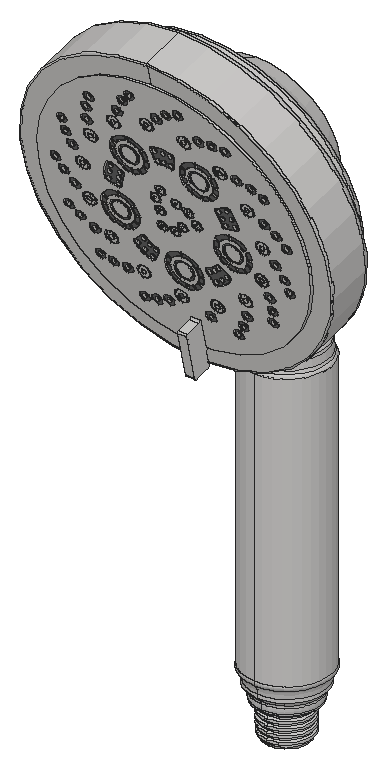
Revit family "VS-4600", category Generic Models, Revit 2023 (continued)
Forms (in)
  Extrusion 10, solid, material "Rubber, Black" <- "Rubber"
    sketch origin (0, 0.10225, 0.22203) x (1, 0, 0) y (0, -0.241928, 0.970294)
      loop
        arc (0.00409, 7.24868) -> (0.05943, 7.25557) -> (0.11257, 7.27251) r 0.30231
      loop
        line (-0.03698, 7.25018) -> (-0.03692, 7.31609)
        arc (-0.03692, 7.31609) -> (-0.07811, 7.32541) -> (-0.11698, 7.3419) r 0.23686
        line (-0.11698, 7.3419) -> (-0.15096, 7.28586)
        arc (-0.15096, 7.28586) -> (-0.09575, 7.26234) -> (-0.03698, 7.25018) r 0.30231
      loop
        line (-0.18804, 7.30991) -> (-0.15387, 7.36627)
        arc (-0.15387, 7.36627) -> (-0.18808, 7.40005) -> (-0.21477, 7.44004) r 0.23686
        line (-0.21477, 7.44004) -> (-0.26874, 7.40232)
        arc (-0.26874, 7.40232) -> (-0.23313, 7.35198) -> (-0.18804, 7.30991) r 0.30231
      loop
        line (-0.28559, 7.43726) -> (-0.23015, 7.476)
        arc (-0.23015, 7.476) -> (-0.23861, 7.50929) -> (-0.24217, 7.54344) r 0.23686
        line (-0.24217, 7.54344) -> (-0.30765, 7.54351)
        arc (-0.30765, 7.54351) -> (-0.30143, 7.48939) -> (-0.28559, 7.43726) r 0.30231
      loop
        line (-0.30609, 7.58239) -> (-0.24018, 7.58233)
        arc (-0.24018, 7.58233) -> (-0.23157, 7.62127) -> (-0.21655, 7.65822) r 0.23686
        line (-0.21655, 7.65822) -> (-0.27055, 7.69611)
        arc (-0.27055, 7.69611) -> (-0.29397, 7.64102) -> (-0.30609, 7.58239) r 0.30231
      loop
        line (-0.2487, 7.73031) -> (-0.1951, 7.6927)
        arc (-0.1951, 7.6927) -> (-0.12516, 7.7552) -> (-0.03644, 7.78565) r 0.23686
        line (-0.03644, 7.78565) -> (-0.03637, 7.85156)
        arc (-0.03637, 7.85156) -> (-0.15534, 7.81336) -> (-0.2487, 7.73031) r 0.30231
      loop
        circle (-0.00744, 7.5528) r 0.15416
      loop
        circle (-0.00744, 7.5528) r 0.14031
      loop
        arc (-0.52873, 7.52592) -> (-0.50325, 7.52705) -> (-0.48434, 7.54417) r 0.03765
        line (-0.48434, 7.54417) -> (-0.3906, 7.72004)
        arc (-0.3906, 7.72004) -> (-0.38875, 7.7412) -> (-0.40272, 7.75721) r 0.02713
        arc (-0.40272, 7.75721) -> (-0.49881, 7.8172) -> (-0.57992, 7.89627) r 0.52892
        arc (-0.57992, 7.89627) -> (-0.61084, 7.91175) -> (-0.6431, 7.8993) r 0.04278
        line (-0.6431, 7.8993) -> (-0.77338, 7.76929)
        arc (-0.77338, 7.76929) -> (-0.78686, 7.74058) -> (-0.77883, 7.70989) r 0.04658
        arc (-0.77883, 7.70989) -> (-0.66925, 7.59687) -> (-0.52873, 7.52592) r 0.47447
      loop
        arc (-1.04647, 7.94145) -> (-0.98899, 7.92109) -> (-0.92858, 7.91268) r 0.30231
        line (-0.92858, 7.91268) -> (-0.92852, 7.97819)
        arc (-0.92852, 7.97819) -> (-0.97131, 7.98416) -> (-1.01231, 7.99781) r 0.23686
        line (-1.01231, 7.99781) -> (-1.04647, 7.94145)
      loop
        arc (-0.83788, 7.99164) -> (-0.86178, 7.98452) -> (-0.8863, 7.97996) r 0.23686
        line (-0.8863, 7.97996) -> (-0.88636, 7.91406)
        arc (-0.88636, 7.91406) -> (-0.842, 7.922) -> (-0.79931, 7.93645) r 0.30231
        line (-0.79931, 7.93645) -> (-0.83788, 7.99164)
      loop
        line (-0.80003, 8.009) -> (-0.76241, 7.95516)
        arc (-0.76241, 7.95516) -> (-0.71429, 7.99078) -> (-0.67413, 8.03518) r 0.30231
        line (-0.67413, 8.03518) -> (-0.72773, 8.07279)
        arc (-0.72773, 8.07279) -> (-0.7606, 8.03718) -> (-0.80003, 8.009) r 0.23686
      loop
        line (-0.70491, 8.10995) -> (-0.65084, 8.07201)
        arc (-0.65084, 8.07201) -> (-0.62834, 8.12595) -> (-0.61665, 8.18322) r 0.30231
        line (-0.61665, 8.18322) -> (-0.68256, 8.18329)
        arc (-0.68256, 8.18329) -> (-0.69075, 8.14571) -> (-0.70491, 8.10995) r 0.23686
      loop
        line (-0.68067, 8.22478) -> (-0.61516, 8.22471)
        arc (-0.61516, 8.22471) -> (-0.62381, 8.28723) -> (-0.64525, 8.34659) r 0.30231
        line (-0.64525, 8.34659) -> (-0.69978, 8.30849)
        arc (-0.69978, 8.30849) -> (-0.6864, 8.26751) -> (-0.68067, 8.22478) r 0.23686
      loop
        line (-0.72097, 8.34726) -> (-0.66731, 8.38475)
        arc (-0.66731, 8.38475) -> (-0.76211, 8.47421) -> (-0.88575, 8.51544) r 0.30231
        line (-0.88575, 8.51544) -> (-0.88582, 8.44953)
        arc (-0.88582, 8.44953) -> (-0.79245, 8.41605) -> (-0.72097, 8.34726) r 0.23686
      loop
        line (-0.93122, 8.45122) -> (-0.93116, 8.51677)
        arc (-0.93116, 8.51677) -> (-1.06873, 8.47643) -> (-1.17225, 8.37725) r 0.30231
        line (-1.17225, 8.37725) -> (-1.1186, 8.3396)
        arc (-1.1186, 8.3396) -> (-1.03852, 8.41826) -> (-0.93122, 8.45122) r 0.23686
      loop
        line (-1.13761, 8.30178) -> (-1.19237, 8.34021)
        arc (-1.19237, 8.34021) -> (-1.21156, 8.2841) -> (-1.21943, 8.22533) r 0.30231
        line (-1.21943, 8.22533) -> (-1.15393, 8.22526)
        arc (-1.15393, 8.22526) -> (-1.14895, 8.2642) -> (-1.13761, 8.30178) r 0.23686
      loop
        line (-1.15213, 8.18377) -> (-1.21803, 8.18383)
        arc (-1.21803, 8.18383) -> (-1.20791, 8.13145) -> (-1.18873, 8.08166) r 0.30231
        line (-1.18873, 8.08166) -> (-1.13426, 8.11973)
        arc (-1.13426, 8.11973) -> (-1.14545, 8.15112) -> (-1.15213, 8.18377) r 0.23686
      loop
        arc (-1.05313, 8.02073) -> (-1.08657, 8.04909) -> (-1.11421, 8.08313) r 0.23686
        line (-1.11421, 8.08313) -> (-1.16788, 8.04564)
        arc (-1.16788, 8.04564) -> (-1.13136, 8.0013) -> (-1.08712, 7.96467) r 0.30231
        line (-1.08712, 7.96467) -> (-1.05313, 8.02073)
      loop
        circle (-0.91932, 8.21673) r 0.14031
      loop
        circle (-0.91932, 8.21673) r 0.15416
      loop
        arc (-0.85, 8.62624) -> (-0.82929, 8.63102) -> (-0.81839, 8.64925) r 0.02713
        arc (-0.81839, 8.64925) -> (-0.79103, 8.75917) -> (-0.74089, 8.86075) r 0.52892
        arc (-0.74089, 8.86075) -> (-0.73573, 8.89494) -> (-0.75754, 8.92178) r 0.04278
        line (-0.75754, 8.92178) -> (-0.92144, 9.0055)
        arc (-0.92144, 9.0055) -> (-0.95291, 9.00945) -> (-0.97961, 8.99233) r 0.04658
        arc (-0.97961, 8.99233) -> (-1.05325, 8.85319) -> (-1.0773, 8.69762) r 0.47447
        arc (-1.0773, 8.69762) -> (-1.06835, 8.67374) -> (-1.04623, 8.66104) r 0.03765
        line (-1.04623, 8.66104) -> (-0.85, 8.62624)
      loop
        arc (-0.53901, 9.51323) -> (-0.45363, 9.48449) -> (-0.38515, 9.42595) r 0.23686
        line (-0.38515, 9.42595) -> (-0.33142, 9.4635)
        arc (-0.33142, 9.4635) -> (-0.42334, 9.54256) -> (-0.53894, 9.57914) r 0.30231
        line (-0.53894, 9.57914) -> (-0.53901, 9.51323)
      loop
        arc (-0.26835, 9.28842) -> (-0.27954, 9.36057) -> (-0.30771, 9.42793) r 0.30231
        line (-0.30771, 9.42793) -> (-0.36166, 9.39024)
        arc (-0.36166, 9.39024) -> (-0.34202, 9.34093) -> (-0.33385, 9.28848) r 0.23686
        line (-0.33385, 9.28848) -> (-0.26835, 9.28842)
      loop
        arc (-0.30321, 9.13723) -> (-0.28128, 9.19048) -> (-0.26984, 9.24692) r 0.30231
        line (-0.26984, 9.24692) -> (-0.33574, 9.24699)
        arc (-0.33574, 9.24699) -> (-0.34368, 9.21024) -> (-0.35734, 9.17521) r 0.23686
        line (-0.35734, 9.17521) -> (-0.30321, 9.13723)
      loop
        line (-0.32731, 9.09889) -> (-0.38091, 9.1365)
        arc (-0.38091, 9.1365) -> (-0.41214, 9.10234) -> (-0.44941, 9.07491) r 0.23686
        line (-0.44941, 9.07491) -> (-0.41184, 9.02115)
        arc (-0.41184, 9.02115) -> (-0.36585, 9.05597) -> (-0.32731, 9.09889) r 0.30231
      loop
        line (-0.4525, 9.00015) -> (-0.49106, 9.05534)
        arc (-0.49106, 9.05534) -> (-0.52576, 9.04589) -> (-0.56149, 9.0418) r 0.23686
        line (-0.56149, 9.0418) -> (-0.56155, 8.9763)
        arc (-0.56155, 8.9763) -> (-0.50592, 8.98315) -> (-0.4525, 9.00015) r 0.30231
      loop
        line (-0.60205, 8.97782) -> (-0.60198, 9.04373)
        arc (-0.60198, 9.04373) -> (-0.63998, 9.05205) -> (-0.67611, 9.06647) r 0.23686
        line (-0.67611, 9.06647) -> (-0.71013, 9.01035)
        arc (-0.71013, 9.01035) -> (-0.65762, 8.989) -> (-0.60205, 8.97782) r 0.30231
      loop
        circle (0.94539, 8.94103) r 0.03322
      loop
        circle (0.99651, 8.81793) r 0.03322
      loop
        circle (1.03454, 8.69985) r 0.03322
      loop
        circle (0.87999, 8.66946) r 0.03322
      loop
        circle (0.84845, 8.77287) r 0.03322
      loop
        circle (0.80531, 8.87084) r 0.03322
      loop
        circle (-0.09632, 9.37179) r 0.03322
      loop
        circle (-0.11708, 9.52709) r 0.03322
      loop
        circle (0.01595, 9.53535) r 0.03322
      loop
        circle (0.13998, 9.53286) r 0.03322
      loop
        circle (0.11839, 9.37684) r 0.03322
      loop
        circle (0.01035, 9.38068) r 0.03322
      loop
        circle (-0.8006, 8.88256) r 0.03322
      loop
        circle (-0.94149, 8.95299) r 0.03322
      loop
        circle (-0.98357, 8.83629) r 0.03322
      loop
        circle (-0.83885, 8.78144) r 0.03322
      loop
        circle (-0.86459, 8.67754) r 0.03322
      loop
        circle (-1.01836, 8.70762) r 0.03322
      loop
        circle (-0.14808, 8.85148) r 0.08914
      loop
        circle (0.08498, 8.70614) r 0.08914
      loop
        circle (0.26456, 8.6334) r 0.08914
      loop
        circle (-0.25881, 8.68403) r 0.08914
      loop
        circle (-0.22446, 8.48361) r 0.08914
      loop
        circle (0.11569, 8.32952) r 0.08914
      loop
        circle (0.3663, 8.46228) r 0.08914
      loop
        circle (-0.03127, 8.2053) r 0.08914
      loop
        circle (-0.23683, 8.21241) r 0.08914
      loop
        circle (1.22864, 9.57281) r 0.03325
    from -0.04093 to -0.00698
Cuts and joins
  joined: Revolve 5, SweptBlend 9
Lines and regions (in)
  Filled region 1, type "Filled region 1", not visible
    outline origin (0, -1.1459, 0) x (1, 0, 0) y (0, 0, 1)
      loop
        line (2.24299, 9.87007) -> (2.22371, 9.97937) -> (2.06761, 9.87007) -> (2.24299, 9.87007)
  symbolic lines, not visible
    curve 1: line (2.22089, -0.7709, 9.7644) -> (2.80625, -0.7709, 10.1781)
    curve 2: line (2.80625, -0.7709, 10.1781) -> (3.01033, -0.7709, 10.1781)
    curve 3: line (2.23363, -1.1459, 9.92315) -> (2.80625, -1.1459, 10.1781)
    curve 4: line (2.80625, -1.1459, 10.1781) -> (3.01033, -1.1459, 10.1781)
    curve 5: line (-1.71317, -0.7709, 9.77661) -> (-2.45602, -0.7709, 10.19372)
    curve 6: line (-2.45602, -0.7709, 10.19372) -> (-2.70602, -0.7709, 10.19372)
    curve 8: line (0, -0.16535, -0.54177) -> (0, -1.20057, -0.54177)
    curve 9: line (0, 0.24729, -0.12913) -> (0, -0.16535, -0.54177)
    curve 10: line (0, 0.24729, -0.12913) -> (0, 0.10812, -0.18535)
    curve 11: line (0, 0.24729, -0.12913) -> (0, 0.19106, -0.26829)
    curve 12: line (2.22089, -0.7709, 9.7644) -> (2.4178, -0.7709, 9.79912)
    curve 13: line (-1.85288, -0.7709, 9.77661) -> (-1.71317, -0.7709, 9.77661)
    curve 14: line (2.22089, -0.7709, 9.7644) -> (2.31935, -0.7709, 9.93843)
    curve 15: line (-1.7859, -0.7709, 9.8959) -> (-1.71317, -0.7709, 9.77661)
  symbolic lines, style "GenericModel", not visible
    curve 7: line (0, -0.7709, -0.38852) -> (0, -0.7709, 0.06979)
Text (in)
  text "⌀ 5 1/4\"" at (3.00738, 0, 10.51327), in view "Front"
  text "⌀ 4 9/16\"" at (-5.07313, 0, 10.51327), in view "Front"
  text "⌀" at (0, -3.98226, 2.79684), in view "Right"
  text "1/2\" - 14 NPSM THREAD" at (0, -5.31403, 0.36836), in view "Right"
Dimensions and locks (in)
  Revolve 4 to Revolve 4 = 0' - 1.31137"
  Extrusion 8 to Revolve 5 = 0' - 2"
  plane 9 to Revolve 1 = 0' - 11"
